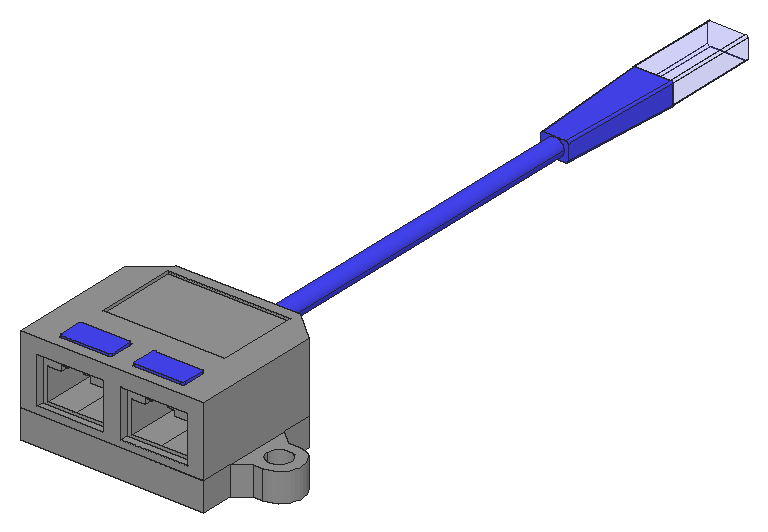
Revit family "ITK_ Разветвитель (Y-адаптер) кат. 5Е 2xRJ45-1хRJ45", category Обобщенные модели, Revit 2019
Family settings
  Может служить основой для арматурных стержней = Нет
  Размер круглого соединителя = Использовать диаметр
  Тип детали = Нормальный
  На основе рабочей плоскости = Нет
  Всегда вертикально = Да
  При загрузке вырезать с полостями = Нет
  Общий = Нет
  Точка расчета площади = Нет
Parameters (values of type "CS7-1C5EU-Y2-1")
  Ширина = 67.5 mm
  Степень защиты = ""
  Материал = Окраска - RAL 9005
  Изготовитель = "ITK"  # constant formula
  Дата изменения = ""
  Глубина = 188.5 mm
  Высота = 24 mm
  URL = "https://www.iek.ru/"
  KSI_CPr_Строительные изделия = "27.33.13.61.1.04.09-1002 27.33.13.61.1.04.09-1004 27.33.13.61.1.04.09-1006 27.33.13.61.1.04.09-1008 27.33.13.61.1.04.09-1010 27.33.13.61.1.04.09-1012 27.33.13.61.1.04.09-1014 27.33.13.61.1.04.09-1016 27.33.13.61.1.04.09-1018 27.33.13.61.1.04.09-1020 27.33.13.61.1.04.09-1022 27.33.13.61.1.04.09-1024 27.33.13.61.1.04.09-1026 27.33.13.61.1.04.09-1028 27.33.13.61.1.04.09-1030 27.33.13.61.1.04.09-1032 27.33.13.61.1.04.09-1034 27.33.13.61.1.04.09-1036"  # constant formula
  KSI_CMa_Строительные материалы = "01.7.14.03"  # constant formula
  IEK_Цена за единицу = 290.56
  IEK_Поиск в таблице имен = ""
  IEK_Описание = "Соответствие международным стандартам качества, что обеспечивает совместимость с компонентами и с кабелем.\r\nИзготовлены из высококачественных негорючих материалов и отличаются надежностью и удобством эксплуатации."
  IEK_URL = "https://www.itk-group.ru/produktsiya/catalog/oborudovanie_telekommunikatsionnoe/komponenty_sks_mednye/rozetki_adaptery_i_moduli_keystone/moduli_keystone_jack_informatsionnye_rozetki_rozetochnye_korpusa_i_adaptery/adaptery/adaptery_neekranirovannye/itk_razvetvitel_y_adapter_kat_5e_2xrj45_1khrj45"
  ADSK_Примечание = ""
  ADSK_Позиция [instance] = ""
  ADSK_Наименование = "ITK Разветвитель (Y-адаптер) кат. 5Е 2xRJ45-1хRJ45"
  ADSK_Материал обозначение = ""
  ADSK_Материал наименование = "Пластик"  # constant formula
  ADSK_Масса = 0
  ADSK_Марка = ""  # constant formula
  ADSK_Код изделия = "CS7-1C5EU-Y2-1"
  ADSK_Завод-изготовитель = "IEK"  # constant formula
  ADSK_Единица измерения = "шт"  # constant formula
  ADSK_Группирование = "I. ЩИТЫ И ПУЛЬТЫ"  # constant formula
  ADSK_Версия семейства = "1.0"  # constant formula
  ADSK_Версия Revit = "2019"  # constant formula
  ADSK_URL страницы изделия = "https://www.itk-group.ru/produktsiya/catalog/oborudovanie_telekommunikatsionnoe/komponenty_sks_mednye/rozetki_adaptery_i_moduli_keystone/moduli_keystone_jack_informatsionnye_rozetki_rozetochnye_korpusa_i_adaptery/adaptery/adaptery_neekranirovannye/"
Reference planes
  plane 1 "По центру (Вперед/Назад)": y = 0
  plane 2: z = 0
  plane 3 "По центру (Влево/Вправо)": x = 0
  plane 4: x = -33.75
  plane 5: x = 33.75
  plane 6: z = 24
  plane 7: y = 38.5
  plane 8: z = 12.75
  plane 9: y = 24.25
  plane 10: y = 188.5
  plane 11: y = 135.42
Forms (mm)
  Extrusion 1, solid, material "Окраска - RAL 9005", detail levels fine
    sketch origin (0, 0, 0) x (1, 0, 0) y (0, 1, 0)
      loop
        line (22.5, 0) -> (22.5, 7.75) -> (25.907, 10.608) -> (28.358, 10.608)
        arc (28.358, 10.608) -> (33.75, 16) -> (28.358, 21.392) r 5.392
        line (28.358, 21.392) -> (25.907, 21.392) -> (22.5, 24.25) -> (22.5, 32) -> (15.213, 38.5) -> (-15.213, 38.5) -> (-22.5, 32) -> (-22.5, 24.25) -> (-25.907, 21.392) -> (-28.358, 21.392)
        arc (-28.358, 21.392) -> (-33.75, 16) -> (-28.358, 10.608) r 5.392
        line (-28.358, 10.608) -> (-25.907, 10.608) -> (-22.5, 7.75) -> (-22.5, 0) -> (22.5, 0)
      loop
        circle (-28.125, 16) r 3
      loop
        circle (28.125, 16) r 3
    from 0 to 7
  Extrusion 2, solid, material "Окраска - RAL 9005", detail levels fine
    sketch origin (0, 0, 0) x (1, 0, 0) y (0, 1, 0)
      loop
        line (-22.5, 32) -> (-22.5, 0) -> (22.5, 0) -> (22.5, 32) -> (15.213, 38.5) -> (-15.213, 38.5) -> (-22.5, 32)
    from 7 to 24
  Extrusion 3, void
    sketch origin (0, 0, 0) x (1, 0, 0) y (0, 0, 1)
      loop
        line (-18.48, 20.307) -> (-18.48, 8.86) -> (-2.168, 8.86) -> (-2.168, 20.307) -> (-18.48, 20.307)
      loop
        line (18.48, 20.307) -> (2.168, 20.307) -> (2.168, 8.86) -> (18.48, 8.86) -> (18.48, 20.307)
    from 0 to -1.859
  Extrusion 4, void
    sketch origin (0, 0, 0) x (1, 0, 0) y (0, 0, 1)
      loop
        line (-10.324, 19.684) -> (-12.165, 19.684) -> (-12.165, 18.723) -> (-13.837, 18.723) -> (-13.837, 17.372) -> (-17.323, 17.372) -> (-17.323, 9.475) -> (-10.324, 9.475) -> (-3.326, 9.475) -> (-3.326, 17.372) -> (-6.812, 17.372) -> (-6.812, 18.723) -> (-8.483, 18.723) -> (-8.483, 19.684) -> (-10.324, 19.684)
      loop
        line (10.324, 19.684) -> (8.483, 19.684) -> (8.483, 18.723) -> (6.812, 18.723) -> (6.812, 17.372) -> (3.326, 17.372) -> (3.326, 9.475) -> (10.324, 9.475) -> (17.323, 9.475) -> (17.323, 17.372) -> (13.837, 17.372) -> (13.837, 18.723) -> (12.165, 18.723) -> (12.165, 19.684) -> (10.324, 19.684)
    from -1.859 to -21.392
  Extrusion 5, void
    sketch origin (0, 0, 0) x (1, 0, 0) y (0, 0, 1)
      loop
        line (5, 15.25) -> (-5, 15.25) -> (-5, 10.25) -> (5, 10.25) -> (5, 15.25)
    from -38.5 to -35.073
  Extrusion 6, solid, material "Пластик белый", detail levels fine
    sketch origin (0, 0, 0) x (1, 0, 0) y (0, 0, 1)
      loop
        line (4.362, 15.138) -> (-4.387, 15.138)
        arc (-4.387, 15.138) -> (-4.76, 14.984) -> (-4.914, 14.61) r 0.528
        line (-4.914, 14.61) -> (-4.914, 10.861)
        arc (-4.914, 10.861) -> (-4.759, 10.487) -> (-4.385, 10.332) r 0.53
        line (-4.385, 10.332) -> (4.382, 10.332)
        arc (4.382, 10.332) -> (4.742, 10.481) -> (4.891, 10.841) r 0.51
        line (4.891, 10.841) -> (4.891, 14.61)
        arc (4.891, 14.61) -> (4.736, 14.983) -> (4.362, 15.138) r 0.529
    from -35.073 to -44.722
  Extrusion 7, solid, material "Пластик белый", detail levels fine
    sketch origin (0, 0, 0) x (1, 0, 0) y (0, 0, 1)
      loop
        circle (0, 12.75) r 2.213
    from -44.722 to -135.42
  SweptBlend 8, solid, material "Пластик белый", detail levels fine
    path origin (0, 0, 0) x (1, 0, 0) y (0, 1, 0)
      loop
        line (0, 135.42) -> (0, 165.42)
    profile origin (0, 135.42, 0) x (-1, 0, 0) y (0, 0, 1)
      loop
        arc (3.326, 14.61) -> (3.171, 14.984) -> (2.798, 15.138) r 0.528
        line (2.798, 15.138) -> (-2.798, 15.138)
        arc (-2.798, 15.138) -> (-3.171, 14.984) -> (-3.326, 14.61) r 0.528
        line (-3.326, 14.61) -> (-3.326, 10.861)
        arc (-3.326, 10.861) -> (-3.171, 10.487) -> (-2.796, 10.332) r 0.53
        line (-2.796, 10.332) -> (2.796, 10.332)
        arc (2.796, 10.332) -> (3.171, 10.487) -> (3.326, 10.861) r 0.53
        line (3.326, 10.861) -> (3.326, 14.61)
    end profile origin (0, 165.42, 0) x (-1, 0, 0) y (0, 0, 1)
      loop
        arc (4.914, 15.123) -> (4.76, 15.497) -> (4.387, 15.651) r 0.528
        line (4.387, 15.651) -> (-4.362, 15.651)
        arc (-4.362, 15.651) -> (-4.736, 15.496) -> (-4.891, 15.122) r 0.529
        line (-4.891, 15.122) -> (-4.891, 10.378)
        arc (-4.891, 10.378) -> (-4.736, 10.004) -> (-4.362, 9.849) r 0.529
        line (-4.362, 9.849) -> (4.387, 9.849)
        arc (4.387, 9.849) -> (4.76, 10.003) -> (4.914, 10.377) r 0.528
        line (4.914, 10.377) -> (4.914, 15.123)
  Extrusion 9, solid, material "Стекло", detail levels fine
    sketch origin (0, 0, 0) x (1, 0, 0) y (0, 0, 1)
      loop
        arc (-4.387, 15.651) -> (-4.76, 15.497) -> (-4.914, 15.123) r 0.528
        line (-4.914, 15.123) -> (-4.914, 10.377)
        arc (-4.914, 10.377) -> (-4.76, 10.003) -> (-4.387, 9.849) r 0.528
        line (-4.387, 9.849) -> (4.362, 9.849)
        arc (4.362, 9.849) -> (4.736, 10.004) -> (4.891, 10.378) r 0.529
        line (4.891, 10.378) -> (4.891, 15.122)
        arc (4.891, 15.122) -> (4.736, 15.496) -> (4.362, 15.651) r 0.529
        line (4.362, 15.651) -> (-4.387, 15.651)
    from -165.42 to -188.5
  Extrusion 10, void
    sketch origin (0, 0, 0) x (1, 0, 0) y (0, 1, 0)
      loop
        line (-15.1, 9.252) -> (-15.1, 2.895) -> (-2.726, 2.895) -> (-2.726, 9.252) -> (-15.1, 9.252)
      loop
        line (-15.1, 35.93) -> (-15.1, 15.93) -> (14.9, 15.93) -> (14.9, 35.93) -> (-15.1, 35.93)
      loop
        line (15.1, 9.252) -> (2.726, 9.252) -> (2.726, 2.895) -> (15.1, 2.895) -> (15.1, 9.252)
    from 23.408 to 24
  Extrusion 11, solid, material "Пластик синий", detail levels fine
    sketch origin (0, 0, 0) x (1, 0, 0) y (0, 1, 0)
      loop
        arc (-14.583, 9.252) -> (-14.948, 9.101) -> (-15.1, 8.735) r 0.517
        line (-15.1, 8.735) -> (-15.1, 3.438)
        arc (-15.1, 3.438) -> (-14.941, 3.054) -> (-14.557, 2.895) r 0.542
        line (-14.557, 2.895) -> (-3.271, 2.895)
        arc (-3.271, 2.895) -> (-2.885, 3.055) -> (-2.726, 3.44) r 0.545
        line (-2.726, 3.44) -> (-2.726, 8.717)
        arc (-2.726, 8.717) -> (-2.883, 9.096) -> (-3.261, 9.252) r 0.536
        line (-3.261, 9.252) -> (-14.583, 9.252)
    from 23.408 to 24.455
  Extrusion 12, solid, material "Пластик красный", detail levels fine
    sketch origin (0, 0, 0) x (-1, 0, 0) y (0, -1, 0)
      loop
        line (-14.583, -9.252) -> (-3.261, -9.252)
        arc (-3.261, -9.252) -> (-2.883, -9.096) -> (-2.726, -8.717) r 0.536
        line (-2.726, -8.717) -> (-2.726, -3.44)
        arc (-2.726, -3.44) -> (-2.885, -3.055) -> (-3.271, -2.895) r 0.545
        line (-3.271, -2.895) -> (-14.557, -2.895)
        arc (-14.557, -2.895) -> (-14.941, -3.054) -> (-15.1, -3.438) r 0.542
        line (-15.1, -3.438) -> (-15.1, -8.735)
        arc (-15.1, -8.735) -> (-14.948, -9.101) -> (-14.583, -9.252) r 0.517
    from 23.408 to 24.455
  Extrusion 13, solid, material "Условный материал-отделка", detail levels coarse+medium
    sketch origin (0, 0, 0) x (1, 0, 0) y (0, 1, 0)
      loop
        line (-33.75, 188.5) -> (-33.75, 0) -> (33.75, 0) -> (33.75, 188.5) -> (-33.75, 188.5)
    from 0 to 24 <- "Высота"
Cuts and joins
  Extrusion 3, Extrusion 4, Extrusion 5, Extrusion 10 cuts Extrusion 2
  Extrusion 10 cuts Extrusion 1
  Extrusion 10 cuts Extrusion 6
Dimensions and locks
  "Высота": plane 6 to level
  equal spacing: plane 4, plane 3 "По центру (Влево/Вправо)", plane 5
  "Ширина": plane 4 to plane 5
  plane 1 "По центру (Вперед/Назад)" to plane 10 = 188.5 mm
  aligned and locked: level to plane 2
  aligned and locked: Extrusion 1 sketch curve to plane 7
  aligned and locked: Extrusion 2 sketch curve to Extrusion 1  (x6)
  aligned and locked: plane 1 "По центру (Вперед/Назад)" to Extrusion 3
  aligned and locked: plane 11 to Extrusion 7
  aligned and locked: Extrusion 7 to Extrusion 6
  aligned and locked: Extrusion 9 sketch curve to SweptBlend 8  (x4)
  aligned and locked: plane 10 to Extrusion 9
  aligned and locked: Extrusion 9 to SweptBlend 8
  aligned and locked: Extrusion 11 sketch curve to cut or joined group of Extrusion 2, Extrusion 3, Extrusion 4, Extrusion 5, Extrusion 10  (x4)
  aligned and locked: plane 10 to Extrusion 13
Automatic sketch dimensions
  Extrusion 1 sketch curve to plane 9 = 0 mm  (x2)
  plane 1 "По центру (Вперед/Назад)" to Extrusion 1 sketch curve = 0 mm
  plane 4 to Extrusion 1 sketch curve = 5.392 mm
  Extrusion 1 sketch curve to Extrusion 1 sketch curve = 0.233 mm  (x2)
  Extrusion 1 sketch curve to plane 9 = 2.858 mm  (x2)
  Extrusion 1 sketch curve to Extrusion 1 sketch curve = 2.452 mm  (x2)
  Extrusion 1 sketch curve to Extrusion 1 sketch curve = 3.407 mm  (x4)
  Extrusion 1 sketch curve to Extrusion 1 sketch curve = 7.287 mm
  plane 3 "По центру (Влево/Вправо)" to Extrusion 1 sketch curve = 15.213 mm
  Extrusion 1 sketch curve to plane 5 = 11.25 mm  (x2)
  Extrusion 1 sketch curve to plane 5 = 5.625 mm
  Extrusion 1 sketch curve to plane 1 "По центру (Вперед/Назад)" = 7.75 mm  (x2)
  Extrusion 1 sketch curve to Extrusion 1 sketch curve = 2.858 mm  (x2)
  Extrusion 1 sketch curve to Extrusion 1 sketch curve = 0 mm  (x6)
  Extrusion 1 sketch curve to plane 7 = 6.5 mm  (x2)
  plane 8 to Extrusion 3 sketch curve = 3.89 mm  (x2)
  plane 4 to Extrusion 3 sketch curve = 15.27 mm
  Extrusion 3 sketch curve to plane 3 "По центру (Влево/Вправо)" = 2.168 mm
  plane 3 "По центру (Влево/Вправо)" to Extrusion 3 sketch curve = 2.168 mm
  Extrusion 3 sketch curve to plane 5 = 15.27 mm
  Extrusion 3 sketch curve to plane 6 = 3.693 mm  (x2)
  plane 8 to Extrusion 4 sketch curve = 3.275 mm  (x2)
  plane 4 to Extrusion 4 sketch curve = 16.427 mm
  Extrusion 4 sketch curve to Extrusion 4 sketch curve = 3.486 mm  (x3)
  Extrusion 4 sketch curve to Extrusion 4 sketch curve = 1.672 mm  (x4)
  Extrusion 4 sketch curve to Extrusion 4 sketch curve = 1.841 mm  (x4)
  Extrusion 4 sketch curve to Extrusion 4 sketch curve = 6.999 mm  (x2)
  Extrusion 4 sketch curve to plane 3 "По центру (Влево/Вправо)" = 3.326 mm
  plane 3 "По центру (Влево/Вправо)" to Extrusion 4 sketch curve = 3.326 mm
  Extrusion 4 sketch curve to plane 8 = 4.622 mm  (x4)
  Extrusion 4 sketch curve to Extrusion 4 sketch curve = 1.352 mm  (x4)
  Extrusion 4 sketch curve to Extrusion 4 sketch curve = 0.96 mm  (x2)
  Extrusion 5 sketch curve to plane 3 "По центру (Влево/Вправо)" = 5 mm
  plane 3 "По центру (Влево/Вправо)" to Extrusion 5 sketch curve = 5 mm
  plane 8 to Extrusion 5 sketch curve = 2.5 mm
  Extrusion 5 sketch curve to plane 8 = 2.5 mm
  Extrusion 6 sketch curve to plane 3 "По центру (Влево/Вправо)" = 4.914 mm
  Extrusion 6 sketch curve to Extrusion 6 sketch curve = 0.528 mm
  Extrusion 6 sketch curve to Extrusion 6 sketch curve = 0.53 mm
  Extrusion 6 sketch curve to plane 8 = 1.86 mm
  plane 3 "По центру (Влево/Вправо)" to Extrusion 6 sketch curve = 4.362 mm
  plane 8 to Extrusion 6 sketch curve = 1.909 mm
  Extrusion 6 sketch curve to Extrusion 6 sketch curve = 0.019 mm
  Extrusion 6 sketch curve to Extrusion 6 sketch curve = 0.529 mm
  Extrusion 7 sketch curve to plane 3 "По центру (Влево/Вправо)" = 0 mm
  Extrusion 7 sketch curve to plane 8 = 0 mm
  SweptBlend 8 sketch curve to plane 3 "По центру (Влево/Вправо)" = 0 mm
  SweptBlend 8 sketch curve to plane 11 = 0 mm
  SweptBlend 8 sketch curve to plane 10 = 23.08 mm
  profile plane to SweptBlend 8 sketch curve = 3.326 mm
  SweptBlend 8 sketch curve to SweptBlend 8 sketch curve = 0.528 mm  (x2)
  SweptBlend 8 sketch curve to SweptBlend 8 sketch curve = 0.53 mm  (x2)
  SweptBlend 8 sketch curve to profile plane = 2.796 mm
  SweptBlend 8 sketch curve to profile plane = 2.798 mm
  level to SweptBlend 8 sketch curve = 10.332 mm
  SweptBlend 8 sketch curve to SweptBlend 8 sketch curve = 3.749 mm
  profile plane to SweptBlend 8 sketch curve = 4.891 mm
  SweptBlend 8 sketch curve to SweptBlend 8 sketch curve = 0.529 mm  (x2)
  SweptBlend 8 sketch curve to profile plane = 4.387 mm  (x2)
  level to SweptBlend 8 sketch curve = 9.849 mm
  SweptBlend 8 sketch curve to SweptBlend 8 sketch curve = 4.745 mm
  Extrusion 10 sketch curve to plane 3 "По центру (Влево/Вправо)" = 15.1 mm  (x2)
  Extrusion 10 sketch curve to plane 7 = 2.57 mm
  Extrusion 10 sketch curve to plane 3 "По центру (Влево/Вправо)" = 2.726 mm
  plane 3 "По центру (Влево/Вправо)" to Extrusion 10 sketch curve = 2.726 mm
  Extrusion 10 sketch curve to Extrusion 10 sketch curve = 12.174 mm
  Extrusion 10 sketch curve to plane 1 "По центру (Вперед/Назад)" = 2.895 mm  (x2)
  Extrusion 10 sketch curve to Extrusion 10 sketch curve = 12.374 mm
  Extrusion 10 sketch curve to Extrusion 10 sketch curve = 6.357 mm  (x2)
  Extrusion 10 sketch curve to Extrusion 10 sketch curve = 6.678 mm
  Extrusion 11 sketch curve to Extrusion 11 sketch curve = 0.517 mm
  Extrusion 11 sketch curve to Extrusion 11 sketch curve = 0.542 mm
  Extrusion 11 sketch curve to Extrusion 11 sketch curve = 0.545 mm
  Extrusion 11 sketch curve to Extrusion 11 sketch curve = 0.536 mm
  plane 1 "По центру (Вперед/Назад)" to Extrusion 12 sketch curve = 8.735 mm
  Extrusion 12 sketch curve to plane 3 "По центру (Влево/Вправо)" = 15.1 mm
  Extrusion 12 sketch curve to Extrusion 12 sketch curve = 0.517 mm
  Extrusion 12 sketch curve to Extrusion 12 sketch curve = 0.542 mm
  Extrusion 12 sketch curve to plane 3 "По центру (Влево/Вправо)" = 3.271 mm
  Extrusion 12 sketch curve to plane 3 "По центру (Влево/Вправо)" = 3.261 mm
  Extrusion 12 sketch curve to Extrusion 12 sketch curve = 0.545 mm
  plane 1 "По центру (Вперед/Назад)" to Extrusion 12 sketch curve = 3.44 mm
  plane 1 "По центру (Вперед/Назад)" to Extrusion 13 sketch curve = 0 mm
  Extrusion 13 sketch curve to plane 4 = 0 mm
  Extrusion 13 sketch curve to plane 5 = 0 mm
  plane 7 to Extrusion 13 sketch curve = 150 mm
  radius of Extrusion 1 sketch curve = 3 mm  (x2)
  radius of Extrusion 7 sketch curve = 2.213 mm
